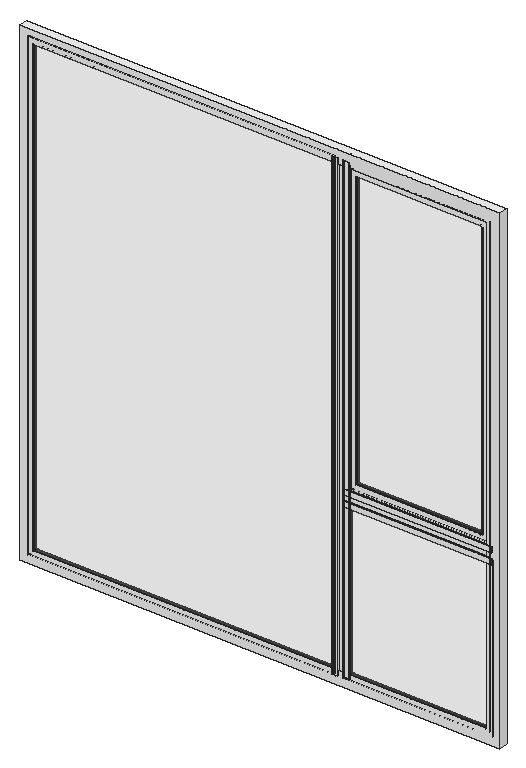
Revit family
Parameters (values of type "SH1818")
  Height = 1790 mm
  Head Height = 2125 mm
  Default Sill Height = Head Height - Height  # 335 mm
  Wall Closure = (empty or 0)
  Width = 1790 mm
Types (7, lengths in mm): name | Height | Default Sill Height | Width
  (no name) | 1790 | 335 | 1790
  SH1215 | 1490 | 635 | 1190
  SH1815 | 1490 | 635 | 1790
  SH1218 | 1790 | 335 | 1190
  SH1515 | 1490 | 635 | 1490
  SH1518 | 1790 | 335 | 1490
  SH1818 | 1790 | 335 | 1790
Reference planes
  plane 1 "Center (Front/Back)": y = 0
  plane 2 "Center (Left/Right)": x = 0
  plane 3 "Left": x = -895
  plane 4 "Right": x = 895
  plane 5 "Sill": z = 335
  plane 6 "Head": z = 2125
  plane 7 "Exterior": y = 100
  plane 8 "Interior": y = -100
  plane 9: y = -30.5
  plane 10: x = 300
  plane 11: z = 968.15
  plane 12: z = 1529.975
Forms (mm)
  Sweep 1, solid, material "Default Frame"
    path origin (0, 100, 0) x (1, 0, 0) y (0, 0, 1)
      loop
        line (895, 2125) -> (-895, 2125) -> (-895, 335) -> (895, 335) -> (895, 2125)
    profile origin (0, 100, 2125) x (0, 0, -1) y (0, -1, 0)
      loop
        line (0, 115.25) -> (0, 84.75) -> (30.58, 84.75) -> (30.58, 87.464) -> (28.08, 86.021) -> (28.08, 113.85) -> (39.575, 113.85) -> (39.575, 111.85) -> (46.275, 111.85)
        arc (46.275, 111.85) -> (46.875, 111.25) -> (47.475, 111.85) r 0.6
        line (47.475, 111.85) -> (47.475, 115.25) -> (0, 115.25)
  Extrusion 2, solid, material "Glass"
    sketch origin (-35.288, -3.5, 0) x (1, 0, 0) y (0, 0, 1)
      loop
        line (318.588, 2091.8) -> (-826.472, 2091.8) -> (-826.472, 368.2) -> (318.588, 368.2) -> (318.588, 2091.8)
    from 0 to 3
  Sweep 3, solid, material "Default Frame"
    path origin (-95.36, -108, -50) x (1, 0, 0) y (0, 0, -1)
      loop
        line (407.26, -2170.4) -> (407.26, -389.6) -> (-795, -389.6) -> (-795, -2170.4) -> (407.26, -2170.4)
    profile origin (-289.23, -108, 2120.4) x (0, 0, 1) y (0, 1, 0)
      loop
        line (-25.08, 99.735) -> (-24.578, 94.997)
        arc (-24.578, 94.997) -> (-24.261, 94.736) -> (-23.98, 95.035) r 0.3
        line (-23.98, 95.035) -> (-23.98, 121.263) -> (-25.98, 120.536) -> (-25.98, 122.735) -> (-27.439, 122.735) -> (-40.407, 109.637) -> (-40.407, 108.637) -> (-28.6, 108.637) -> (-28.6, 109.637) -> (-25.08, 109.637) -> (-25.08, 99.735)
  Sweep 4, solid, material "Rubber seal"
    path origin (-95.36, -108, -50) x (1, 0, 0) y (0, 0, -1)
      loop
        line (407.26, -2170.4) -> (407.26, -389.6) -> (-795, -389.6) -> (-795, -2170.4) -> (407.26, -2170.4)
    profile origin (-289.23, -108, 2120.4) x (0, 0, 1) y (0, 1, 0)
      loop
        line (-41.398, 108.637) -> (-45.535, 104.5) -> (-35.029, 104.5) -> (-35.029, 108.637) -> (-41.398, 108.637)
      loop
        line (-45.535, 101.5) -> (-42.255, 96.75) -> (-35.029, 96.75) -> (-35.029, 101.5) -> (-45.535, 101.5)
  Sweep 5, solid, material "Default Frame"
    path origin (-2000, 100, 1819.513) x (0, 0, -1) y (1, 0, 0)
      loop
        line (1453.933, 2325) -> (-274.907, 2325)
    profile origin (325, 100, 1230) x (-1, 0, 0) y (0, -1, 0)
      loop
        line (-5.9, 115.25) -> (-5.9, 111.85)
        arc (-5.9, 111.85) -> (-5.3, 111.25) -> (-4.7, 111.85) r 0.6
        line (-4.7, 111.85) -> (2, 111.85) -> (2, 113.85) -> (13.5, 113.85) -> (13.5, 86.026) -> (11, 87.47) -> (11, 84.75) -> (39, 84.75) -> (39, 87.47) -> (36.5, 86.026) -> (36.5, 113.85) -> (48, 113.85) -> (48, 111.85) -> (54.7, 111.85)
        arc (54.7, 111.85) -> (55.3, 111.25) -> (55.9, 111.85) r 0.6
        line (55.9, 111.85) -> (55.9, 115.25) -> (34.5, 115.25) -> (34.5, 111.07) -> (15.5, 111.07) -> (15.5, 115.25) -> (-5.9, 115.25)
  Extrusion 6, solid, material "Glass"
    sketch origin (0, 0.5, 49.432) x (-1, 0, 0) y (0, 0, -1)
      loop
        line (-339.24, -2019.688) -> (-339.24, -957.958) -> (-839.12, -957.958) -> (-839.12, -2019.688) -> (-339.24, -2019.688)
    from 0 to 3
  Sweep 7, solid, material "Default Frame"
    path origin (50, -100, -50) x (-1, 0, 0) y (0, 0, 1)
      loop
        line (-283.36, 2125) -> (-795, 2125) -> (-795, 1051.51) -> (-283.36, 1051.51) -> (-283.36, 2125)
    profile origin (589.18, -100, 2075) x (0, 0, -1) y (0, 1, 0)
      loop
        line (2.36, 95.735) -> (2.36, 105.637) -> (5.88, 105.637) -> (5.88, 104.637) -> (17.687, 104.637) -> (17.687, 105.637) -> (4.719, 118.735) -> (3.26, 118.735) -> (3.26, 116.536) -> (1.26, 117.263) -> (1.26, 91.035)
        arc (1.26, 91.035) -> (1.541, 90.736) -> (1.858, 90.997) r 0.3
        line (1.858, 90.997) -> (2.36, 95.735)
  Sweep 8, solid, material "Default Frame"
    path origin (50, -100, -50) x (-1, 0, 0) y (0, 0, 1)
      loop
        line (-283.4, 2125) -> (-795, 2125) -> (-795, 1051.55) -> (-283.4, 1051.55) -> (-283.4, 2125)
    profile origin (589.2, -100, 2075) x (0, 0, -1) y (0, 1, 0)
      loop
        line (-10.425, 88.75) -> (20.155, 88.75) -> (20.155, 92.15)
        arc (20.155, 92.15) -> (19.555, 92.75) -> (18.955, 92.15) r 0.6
        line (18.955, 92.15) -> (12.255, 92.15) -> (12.255, 90.15) -> (0.76, 90.15) -> (0.76, 117.979) -> (3.26, 116.536) -> (3.26, 119.25) -> (-27.32, 119.25) -> (-27.32, 115.85)
        arc (-27.32, 115.85) -> (-26.72, 115.25) -> (-26.12, 115.85) r 0.6
        line (-26.12, 115.85) -> (-19.42, 115.85) -> (-19.42, 117.85) -> (-7.92, 117.85) -> (-7.92, 90.018) -> (-10.425, 91.464) -> (-10.425, 88.75)
  Sweep 9, solid, material "Rubber seal"
    path origin (50, -100, -50) x (-1, 0, 0) y (0, 0, 1)
      loop
        line (-283.36, 2125) -> (-795, 2125) -> (-795, 1051.51) -> (-283.36, 1051.51) -> (-283.36, 2125)
    profile origin (589.18, -100, 2075) x (0, 0, -1) y (0, 1, 0)
      loop
        line (18.698, 104.637) -> (12.329, 104.637) -> (12.329, 100.5) -> (22.835, 100.5) -> (18.698, 104.637)
      loop
        line (22.835, 97.5) -> (12.329, 97.5) -> (12.329, 92.75) -> (19.555, 92.75) -> (22.835, 97.5)
  Sweep 10, solid, material "Default Frame"
    path origin (10.487, 100, -1181.85) x (1, 0, 0) y (0, 0, 1)
      loop
        line (853.933, 2175) -> (303.513, 2175)
    profile origin (589.21, 100, 993.15) x (0, 0, -1) y (0, -1, 0)
      loop
        line (-5.9, 115.25) -> (-5.9, 111.85)
        arc (-5.9, 111.85) -> (-5.3, 111.25) -> (-4.7, 111.85) r 0.6
        line (-4.7, 111.85) -> (2, 111.85) -> (2, 113.85) -> (13.5, 113.85) -> (13.5, 86.026) -> (11, 87.47) -> (11, 84.75) -> (39, 84.75) -> (39, 87.47) -> (36.5, 86.026) -> (36.5, 113.85) -> (48, 113.85) -> (48, 111.85) -> (54.7, 111.85)
        arc (54.7, 111.85) -> (55.3, 111.25) -> (55.9, 111.85) r 0.6
        line (55.9, 111.85) -> (55.9, 115.25) -> (34.5, 115.25) -> (34.5, 111.07) -> (15.5, 111.07) -> (15.5, 115.25) -> (-5.9, 115.25)
  Sweep 11, solid, material "Default Frame"
    path origin (415.346, -108, -69.986) x (-1, 0, 0) y (0, 0, 1)
      loop
        line (147.346, 1070.136) -> (-495.04, 1070.136) -> (-495.04, 389.6) -> (147.346, 389.6) -> (147.346, 1070.136)
    profile origin (589.193, -108, 1000.15) x (0, 0, -1) y (0, 1, 0)
      loop
        line (45.066, 99.735) -> (45.066, 109.637) -> (48.587, 109.637) -> (48.587, 108.637) -> (60.393, 108.637) -> (60.393, 109.637) -> (47.425, 122.735) -> (45.966, 122.735) -> (45.966, 120.536) -> (43.967, 121.263) -> (43.967, 95.035)
        arc (43.967, 95.035) -> (44.248, 94.736) -> (44.564, 94.997) r 0.3
        line (44.564, 94.997) -> (45.066, 99.735)
  Sweep 12, solid, material "Rubber seal"
    path origin (431.823, -108, -86.483) x (-1, 0, 0) y (0, 0, 1)
      loop
        line (180.223, 1103.033) -> (-495.04, 1103.033) -> (-495.04, 389.6) -> (180.223, 389.6) -> (180.223, 1103.033)
    profile origin (589.232, -108, 1016.55) x (0, 0, -1) y (0, 1, 0)
      loop
        line (77.882, 108.637) -> (71.512, 108.637) -> (71.512, 104.5) -> (82.019, 104.5) -> (77.882, 108.637)
      loop
        line (82.019, 101.5) -> (71.512, 101.5) -> (71.512, 96.75) -> (78.738, 96.75) -> (82.019, 101.5)
  Extrusion 13, solid, material "Glass"
    sketch origin (529.64, -3.5, -26.772) x (1, 0, 0) y (0, 0, 1)
      loop
        line (332.16, 978.335) -> (-213.053, 978.335) -> (-213.053, 394.972) -> (332.16, 394.972) -> (332.16, 978.335)
    from 0 to 3
Lines and regions (mm)
  Opening 1
    outline origin (3500, -100, 0) x (1, 0, 0) y (0, 0, 1)
      loop
        line (-2605, 335) -> (-2605, 2125) -> (-4395, 2125) -> (-4395, 335) -> (-2605, 335)
  symbolic lines, style "Elevation Swing"
    curve 1: line (306.08, 38.5, 1529.975) -> (872.337, 38.5, 974.213)
    curve 2: line (306.08, 38.5, 1529.975) -> (872.337, 38.5, 2102.337)
Text (mm)
  text "EXTERIOR" at (-1963.203, 1332.353, 0), in view "Ref. Level"
  text "INTERIOR" at (-1981.466, -818.386, 0), in view "Ref. Level"
  text "Exterior" at (0, 923.751, 2943.296), in view "Right"
  text "Exterior" at (0, 1040.484, 2685.409), in view "Left"
Dimensions and locks
  equal spacing: plane 3 "Left", plane 2 "Center (Left/Right)", plane 4 "Right"
  "Width": plane 3 "Left" to plane 4 "Right"
  "Height": plane 5 "Sill" to plane 6 "Head"
  "Default Sill Height": plane 5 "Sill" to level
  locked: plane 7 "Exterior" to host wall at 0
  locked: plane 8 "Interior" to host wall
  locked: Sweep 3 sketch curve to Sweep 1 at 4.6
  locked: Sweep 1 to Sweep 3 sketch curve at 4.6
  Sweep 5 to Sweep 3 sketch curve = 25.9 mm
  locked: Sweep 4 sketch curve to Sweep 1 at 4.6
  locked: Sweep 1 to Sweep 4 sketch curve at 4.6
  Sweep 5 to Sweep 4 sketch curve = 25.9 mm
  locked: plane 10 to plane 4 "Right" at 595
  locked: plane 10 to Sweep 5 sketch curve at 25
  locked: Sweep 3 sketch curve to Sweep 1 at 4.64
  locked: Extrusion 2 to plane 10 at 16.7
  Sweep 11 sketch curve to Sweep 1 = 15.386 mm  (x2)
  Sweep 12 sketch curve to Sweep 1 = 31.863 mm
  locked: plane 10 to Extrusion 13 at 16.587
  Sweep 10 to Sweep 8 sketch curve = 19.4 mm
  Sweep 10 to Sweep 11 sketch curve = 46 mm
  Sweep 10 to Sweep 12 sketch curve = 62.4 mm
  Extrusion 6 to plane 11 = 39.24 mm
  plane 11 to Extrusion 13 = 16.587 mm
  locked: plane 11 to plane 6 "Head" at 1156.85
  Sweep 8 sketch curve to Sweep 5 = 19.4 mm
  Sweep 5 to Sweep 11 sketch curve = 46 mm
  Sweep 5 to Sweep 12 sketch curve = 62.4 mm
  locked: plane 10 to Extrusion 6 at 39.24
  Sweep 7 sketch curve to Sweep 8 = 3.3 mm
  Sweep 8 to Sweep 7 sketch curve = 3.3 mm
  Sweep 9 sketch curve to Sweep 8 = 3.3 mm
  Sweep 8 to Sweep 9 sketch curve = 3.3 mm
  aligned and locked: curve 2 to Sweep 8
  aligned and locked: Sweep 5 to Sweep 10 sketch curve
  aligned and locked: Sweep 7 to Extrusion 6
  aligned and locked: Sweep 11 to Extrusion 13
  aligned and locked: Extrusion 2 to Sweep 3
Automatic sketch dimensions
  Opening 1 sketch curve to plane 3 "Left" = 0 mm
  Opening 1 sketch curve to plane 4 "Right" = 0 mm
  Opening 1 sketch curve to plane 5 "Sill" = 0 mm
  Opening 1 sketch curve to plane 6 "Head" = 0 mm
  Sweep 1 sketch curve to plane 3 "Left" = 0 mm
  Sweep 1 sketch curve to plane 4 "Right" = 0 mm
  Sweep 1 sketch curve to plane 5 "Sill" = 0 mm
  Sweep 1 sketch curve to plane 6 "Head" = 0 mm
  Sweep 1 sketch curve to profile plane = 0 mm
  Sweep 1 sketch curve to profile plane = 28.08 mm
  Sweep 1 sketch curve to Sweep 1 sketch curve = 2.5 mm
  Sweep 1 sketch curve to Sweep 1 sketch curve = 11.495 mm
  Sweep 1 sketch curve to Sweep 1 sketch curve = 6.7 mm
  Sweep 1 sketch curve to Sweep 1 sketch curve = 0.6 mm
  profile plane to Sweep 1 sketch curve = 84.75 mm
  Sweep 1 sketch curve to Sweep 1 sketch curve = 1.271 mm
  Sweep 1 sketch curve to Sweep 1 sketch curve = 2.714 mm
  Sweep 1 sketch curve to Sweep 1 sketch curve = 24.386 mm
  Sweep 1 sketch curve to Sweep 1 sketch curve = 2 mm
  Sweep 1 sketch curve to Sweep 1 sketch curve = 3.4 mm
  Extrusion 2 sketch curve to plane 3 "Left" = 33.24 mm
  Extrusion 2 sketch curve to plane 2 "Center (Left/Right)" = 283.3 mm
  Extrusion 2 sketch curve to plane 5 "Sill" = 33.2 mm
  plane 6 "Head" to Extrusion 2 sketch curve = 33.2 mm
  Sweep 4 sketch curve to plane 3 "Left" = 4.64 mm
  plane 6 "Head" to Sweep 5 sketch curve = 30.58 mm
  Sweep 5 sketch curve to plane 5 "Sill" = 30.58 mm
  profile plane to Sweep 5 sketch curve = 5.9 mm
  Sweep 5 sketch curve to Sweep 5 sketch curve = 0.6 mm  (x2)
  Sweep 5 sketch curve to profile plane = 2 mm
  Sweep 5 sketch curve to profile plane = 11 mm
  Sweep 5 sketch curve to Sweep 5 sketch curve = 2 mm  (x3)
  Sweep 5 sketch curve to Sweep 5 sketch curve = 19 mm
  Sweep 5 sketch curve to Sweep 5 sketch curve = 2.5 mm  (x2)
  Sweep 5 sketch curve to Sweep 5 sketch curve = 6.7 mm
  profile plane to Sweep 5 sketch curve = 84.75 mm
  Sweep 5 sketch curve to Sweep 5 sketch curve = 1.276 mm  (x2)
  Sweep 5 sketch curve to Sweep 5 sketch curve = 2.72 mm  (x2)
  Sweep 5 sketch curve to Sweep 5 sketch curve = 0.78 mm  (x2)
  Sweep 5 sketch curve to Sweep 5 sketch curve = 1.4 mm  (x2)
  Sweep 5 sketch curve to Sweep 5 sketch curve = 3.4 mm
  plane 4 "Right" to Extrusion 6 sketch curve = 55.88 mm
  Extrusion 6 sketch curve to plane 2 "Center (Left/Right)" = 339.24 mm
  plane 6 "Head" to Extrusion 6 sketch curve = 55.88 mm
  plane 11 to Extrusion 6 sketch curve = 39.24 mm
  plane 4 "Right" to Sweep 7 sketch curve = 50 mm
  plane 6 "Head" to Sweep 7 sketch curve = 50 mm
  Sweep 7 sketch curve to profile plane = 1.26 mm
  Sweep 7 sketch curve to Sweep 7 sketch curve = 0.3 mm
  Sweep 7 sketch curve to Sweep 7 sketch curve = 0.298 mm
  Sweep 7 sketch curve to profile plane = 2.36 mm
  Sweep 7 sketch curve to Sweep 7 sketch curve = 2 mm
  Sweep 7 sketch curve to Sweep 7 sketch curve = 1.459 mm
  Sweep 7 sketch curve to Sweep 7 sketch curve = 3.52 mm
  Sweep 7 sketch curve to Sweep 7 sketch curve = 11.806 mm
  profile plane to Sweep 7 sketch curve = 90.997 mm
  Sweep 7 sketch curve to Sweep 7 sketch curve = 4.738 mm
  Sweep 7 sketch curve to Sweep 7 sketch curve = 8.902 mm
  Sweep 7 sketch curve to Sweep 7 sketch curve = 1 mm  (x2)
  Sweep 7 sketch curve to Sweep 7 sketch curve = 10.899 mm
  Sweep 7 sketch curve to Sweep 7 sketch curve = 0.728 mm
  Sweep 7 sketch curve to Sweep 7 sketch curve = 2.2 mm
  plane 4 "Right" to Sweep 8 sketch curve = 50 mm
  plane 6 "Head" to Sweep 8 sketch curve = 50 mm
  profile plane to Sweep 8 sketch curve = 27.32 mm
  Sweep 8 sketch curve to Sweep 8 sketch curve = 0.6 mm  (x2)
  Sweep 8 sketch curve to Sweep 8 sketch curve = 6.7 mm  (x2)
  profile plane to Sweep 8 sketch curve = 10.425 mm
  Sweep 8 sketch curve to Sweep 8 sketch curve = 2.505 mm
  Sweep 8 sketch curve to profile plane = 0.76 mm
  Sweep 8 sketch curve to Sweep 8 sketch curve = 2.5 mm
  Sweep 8 sketch curve to Sweep 8 sketch curve = 11.495 mm
  profile plane to Sweep 8 sketch curve = 88.75 mm
  Sweep 8 sketch curve to Sweep 8 sketch curve = 1.268 mm
  Sweep 8 sketch curve to Sweep 8 sketch curve = 1.4 mm
  Sweep 8 sketch curve to Sweep 8 sketch curve = 2.714 mm  (x2)
  Sweep 8 sketch curve to Sweep 8 sketch curve = 3.4 mm
  Sweep 8 sketch curve to Sweep 8 sketch curve = 24.386 mm
  Sweep 8 sketch curve to Sweep 8 sketch curve = 0.686 mm
  Sweep 8 sketch curve to Sweep 8 sketch curve = 2 mm
  Sweep 8 sketch curve to Sweep 8 sketch curve = 1.443 mm
  plane 4 "Right" to Sweep 9 sketch curve = 50 mm
  plane 6 "Head" to Sweep 9 sketch curve = 50 mm
  Sweep 9 sketch curve to profile plane = 12.329 mm
  Sweep 9 sketch curve to Sweep 9 sketch curve = 0 mm  (x2)
  Sweep 9 sketch curve to Sweep 9 sketch curve = 6.37 mm
  Sweep 9 sketch curve to Sweep 9 sketch curve = 7.226 mm
  Sweep 9 sketch curve to Sweep 9 sketch curve = 4.137 mm  (x2)
  profile plane to Sweep 9 sketch curve = 92.75 mm
  Sweep 9 sketch curve to Sweep 9 sketch curve = 4.75 mm
  Sweep 9 sketch curve to Sweep 9 sketch curve = 3 mm
  plane 11 to Sweep 10 sketch curve = 25 mm
  plane 4 "Right" to Sweep 10 sketch curve = 30.58 mm
  profile plane to Sweep 10 sketch curve = 5.9 mm
  Sweep 10 sketch curve to Sweep 10 sketch curve = 0.6 mm  (x2)
  Sweep 10 sketch curve to profile plane = 2 mm
  Sweep 10 sketch curve to profile plane = 11 mm
  Sweep 10 sketch curve to Sweep 10 sketch curve = 2.5 mm  (x2)
  Sweep 10 sketch curve to Sweep 10 sketch curve = 2 mm  (x4)
  Sweep 10 sketch curve to Sweep 10 sketch curve = 19 mm
  Sweep 10 sketch curve to Sweep 10 sketch curve = 11.5 mm
  Sweep 10 sketch curve to Sweep 10 sketch curve = 6.7 mm
  profile plane to Sweep 10 sketch curve = 84.75 mm
  Sweep 10 sketch curve to Sweep 10 sketch curve = 1.276 mm  (x2)
  Sweep 10 sketch curve to Sweep 10 sketch curve = 2.72 mm  (x2)
  Sweep 10 sketch curve to Sweep 10 sketch curve = 23.6 mm
  Sweep 10 sketch curve to Sweep 10 sketch curve = 0.78 mm  (x2)
  Sweep 10 sketch curve to Sweep 10 sketch curve = 3.4 mm  (x2)
  Sweep 11 sketch curve to profile plane = 43.967 mm
  Sweep 11 sketch curve to Sweep 11 sketch curve = 0.3 mm
  Sweep 11 sketch curve to Sweep 11 sketch curve = 0.298 mm
  Sweep 11 sketch curve to Sweep 11 sketch curve = 0.502 mm
  Sweep 11 sketch curve to Sweep 11 sketch curve = 2 mm
  Sweep 11 sketch curve to Sweep 11 sketch curve = 1.459 mm
  Sweep 11 sketch curve to Sweep 11 sketch curve = 3.52 mm
  Sweep 11 sketch curve to Sweep 11 sketch curve = 11.806 mm
  profile plane to Sweep 11 sketch curve = 94.997 mm
  Sweep 11 sketch curve to Sweep 11 sketch curve = 4.738 mm
  Sweep 11 sketch curve to Sweep 11 sketch curve = 8.902 mm
  Sweep 11 sketch curve to Sweep 11 sketch curve = 1 mm  (x2)
  Sweep 11 sketch curve to Sweep 11 sketch curve = 10.899 mm
  Sweep 11 sketch curve to Sweep 11 sketch curve = 0.728 mm
  Sweep 11 sketch curve to Sweep 11 sketch curve = 2.2 mm
  plane 5 "Sill" to Sweep 12 sketch curve = 31.883 mm
  Sweep 12 sketch curve to profile plane = 71.512 mm
  Sweep 12 sketch curve to Sweep 12 sketch curve = 0 mm  (x2)
  Sweep 12 sketch curve to Sweep 12 sketch curve = 6.37 mm
  Sweep 12 sketch curve to Sweep 12 sketch curve = 7.226 mm
  Sweep 12 sketch curve to Sweep 12 sketch curve = 4.137 mm  (x2)
  profile plane to Sweep 12 sketch curve = 96.75 mm
  Sweep 12 sketch curve to Sweep 12 sketch curve = 4.75 mm
  Sweep 12 sketch curve to Sweep 12 sketch curve = 3 mm
  Extrusion 13 sketch curve to plane 2 "Center (Left/Right)" = 316.587 mm
  plane 4 "Right" to Extrusion 13 sketch curve = 33.2 mm
  Extrusion 13 sketch curve to plane 5 "Sill" = 33.2 mm
  Extrusion 13 sketch curve to plane 11 = 16.587 mm
  Sweep 5 sketch curve to Sweep 5 sketch curve = 26.38 mm
  Sweep 5 sketch curve to Sweep 5 sketch curve = 11.5 mm
  profile plane to Sweep 3 sketch curve = 40.407 mm
  Sweep 3 sketch curve to Sweep 3 sketch curve = 1.161 mm
  Sweep 3 sketch curve to Sweep 3 sketch curve = 1.459 mm
  Sweep 3 sketch curve to Sweep 3 sketch curve = 3.52 mm
  Sweep 3 sketch curve to Sweep 3 sketch curve = 0.502 mm
  Sweep 3 sketch curve to Sweep 3 sketch curve = 0.298 mm
  Sweep 3 sketch curve to Sweep 3 sketch curve = 0.3 mm
  profile plane to Sweep 3 sketch curve = 94.997 mm
  Sweep 3 sketch curve to Sweep 3 sketch curve = 4.738 mm
  Sweep 3 sketch curve to Sweep 3 sketch curve = 8.902 mm
  Sweep 3 sketch curve to Sweep 3 sketch curve = 1 mm  (x2)
  Sweep 3 sketch curve to Sweep 3 sketch curve = 10.899 mm
  Sweep 3 sketch curve to Sweep 3 sketch curve = 0.728 mm
  Sweep 3 sketch curve to Sweep 3 sketch curve = 2.2 mm
  Sweep 3 sketch curve to Sweep 3 sketch curve = 11.806 mm
  profile plane to Sweep 4 sketch curve = 45.535 mm
  Sweep 4 sketch curve to Sweep 4 sketch curve = 0 mm
  Sweep 4 sketch curve to Sweep 4 sketch curve = 3.28 mm
  Sweep 4 sketch curve to Sweep 4 sketch curve = 4.137 mm  (x2)
  Sweep 4 sketch curve to Sweep 4 sketch curve = 6.37 mm
  Sweep 4 sketch curve to Sweep 4 sketch curve = 7.226 mm
  profile plane to Sweep 4 sketch curve = 96.75 mm
  Sweep 4 sketch curve to Sweep 4 sketch curve = 4.75 mm
  Sweep 4 sketch curve to Sweep 4 sketch curve = 3 mm
  curve 2 to plane 12 = 0 mm
  plane 11 to curve 1 = 6.063 mm
  plane 4 "Right" to curve 1 = 22.663 mm
  plane 4 "Right" to curve 2 = 22.663 mm
  plane 6 "Head" to curve 2 = 22.663 mm
